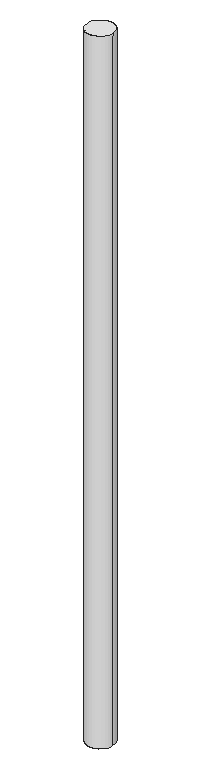
Revit family "Pile-Steel Pipe", category Structural Foundations, Revit 2025
Family settings
  Material for Model Behavior = Concrete
  Cap = No
  Work Plane-Based = No
  Always vertical = Yes
  Cut with Voids When Loaded = No
  Shared = Yes
  Show family pre-cut in plan views = Yes
Parameters (values of type "250mm Diameter")
  Structural Material [instance] = Metal - Steel - 345 MPa
  Radius = Diameter / 2  # 125 mm
  Minimum Embedment = 150 mm
  Diameter = 250 mm
  Depth = 6000 mm
  Assembly Code = "A1020130"
Types (6, lengths in mm): name | Structural Material | Radius | Diameter
  300mm Diameter | none | 150 | 300
  600mm Diameter | none | 300 | 600
  250mm Diameter | Metal - Steel - 345 MPa | 125 | 250
  400mm Diameter | none | 200 | 400
  500mm Diameter | none | 250 | 500
  200mm Diameter | none | 100 | 200
Reference planes
  plane 1 "Center (Front/Back)": y = 0
  plane 2: z = 0
  plane 3 "Center (Left/Right)": x = 0
  plane 4: z = -6000
  plane 5: z = 150
Forms (mm)
  Extrusion 1, solid, material "Metal - Steel - 345 MPa" <- "Structural Material"
    sketch origin (0, 0, 0) x (1, 0, 0) y (0, 1, 0)
      loop
        circle (0, 0) r 125
    from -6000 to 150
Dimensions and locks
  "Depth": plane 2 to plane 4
  "Minimum Embedment": plane 5 to plane 2
  "Radius": radius of Extrusion 1 sketch curve
  aligned and locked: Extrusion 1 to plane 4
  aligned and locked: Extrusion 1 to plane 5
Automatic sketch dimensions
  Extrusion 1 sketch curve to plane 1 "Center (Front/Back)" = 0 mm
  Extrusion 1 sketch curve to plane 3 "Center (Left/Right)" = 0 mm
